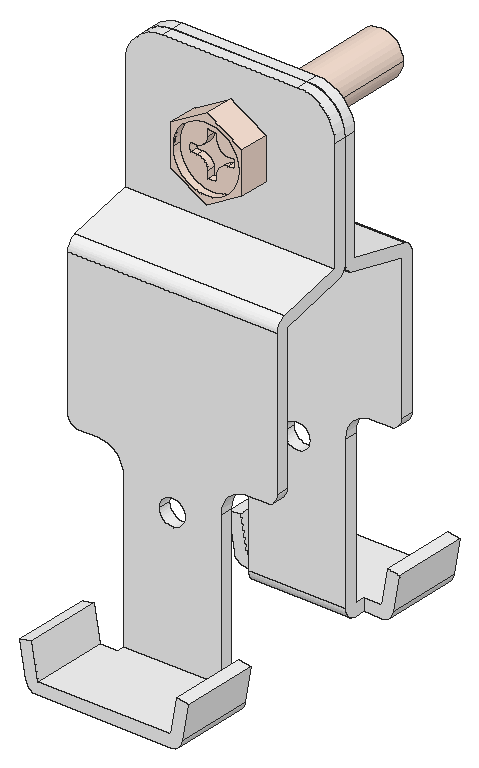
Revit family "耐風圧Sクリップ(C40用)", category 機械設備, Revit 2020
Family settings
  丸型コネクタ寸法 = 直径を使用
  種別 = なし
  パーツ タイプ = 標準
  作業面ベース = いいえ
  常に垂直 = はい
  ロード時にボイドで切り取り = いいえ
  共有 = いいえ
  部屋計算ポイント = いいえ
Parameters
  製造元 = "株式会社桐井製作所"
  既定の高さ = 0 mm
  URL = "https://www.kirii.co.jp/"
  K_品名 = "耐風圧Sクリップ(C40用)"
  K_名称 = "耐風圧クリップ"
  K_入数 = "100"
  K_バージョン情報 = "20210714"
Reference planes
  plane 1 "中心(正面/背面)": y = 0
  plane 2: z = 0
  plane 3 "中心(左/右)": x = 0
  plane 4: x = 14
  plane 5: x = -14
Forms (mm)
  Extrusion 1, solid
    sketch origin (-0.054, 0, 0) x (0, 1, 0) y (0, 0, 1)
      loop
        arc (-11.228, 0) -> (-10.079, 0.459) -> (-9.6, 1.6) r 1.6
        line (-9.6, 1.6) -> (-9.6, 46.272) -> (-1.238, 48.213)
        arc (-1.238, 48.213) -> (-0.347, 48.776) -> (0, 49.772) r 1.6
        line (0, 49.772) -> (0, 69.772) -> (-1.6, 69.772) -> (-1.6, 49.772) -> (-9.962, 47.83)
        arc (-9.962, 47.83) -> (-10.853, 47.267) -> (-11.2, 46.272) r 1.6
        line (-11.2, 46.272) -> (-11.2, 1.6) -> (-12.6, 1.6) -> (-12.6, 0) -> (-11.228, 0)
    from -13.946 to 14.054
  Extrusion 2, void
    sketch origin (0, 0, 0) x (1, 0, 0) y (0, 0, 1)
      loop
        line (-9, 69.772) -> (-14, 69.772) -> (-14, 64.772)
        arc (-14, 64.772) -> (-12.536, 68.307) -> (-9, 69.772) r 5
      loop
        line (14, 64.772) -> (14, 69.772) -> (9, 69.772)
        arc (9, 69.772) -> (12.536, 68.307) -> (14, 64.772) r 5
    from 0 to 1.6
  Extrusion 3, solid
    sketch origin (-25.005, 4.4, 6.591) x (1, 0, 0) y (0, 0, -1)
      loop
        circle (25.005, -53.148) r 4.7
      loop
        circle (25.005, -53.198) r 3.5
    from -2.8 to -1.6
  Extrusion 4, void
    sketch origin (-12.498, 0, 10.164) x (1, 0, 0) y (0, 0, 1)
      loop
        circle (12.498, 49.625) r 3.5
    from 0 to 1.6
  Extrusion 5, void
    sketch origin (-12.498, 0, 10.164) x (1, 0, 0) y (0, 0, -1)
      loop
        circle (12.498, -49.625) r 3.5
    from 0 to 1.6
  Extrusion 6, void
    sketch origin (0, 0, 0) x (1, 0, 0) y (0, 0, 1)
      loop
        arc (10, 25.5) -> (7.525, 24.475) -> (6.5, 22) r 3.5
        line (6.5, 22) -> (6.5, -0.84) -> (14, -0.84) -> (14, 27)
        arc (14, 27) -> (13.561, 25.939) -> (12.5, 25.5) r 1.5
        line (12.5, 25.5) -> (10, 25.5)
    from 9.6 to 12.6
  Extrusion 7, void
    sketch origin (0, 0, 0) x (-1, 0, 0) y (0, 0, -1)
      loop
        line (10, -25.5) -> (12.5, -25.5)
        arc (12.5, -25.5) -> (13.561, -25.939) -> (14, -27) r 1.5
        line (14, -27) -> (14, 0.84) -> (6.5, 0.84) -> (6.5, -22)
        arc (6.5, -22) -> (7.525, -24.475) -> (10, -25.5) r 3.5
    from 9.6 to 12.6
  Extrusion 8, solid
    sketch origin (0, 0, 0) x (1, 0, 0) y (0, 0, 1)
      loop
        line (8.9, 1.6) -> (-8.9, 1.6) -> (-9.67, 6.2) -> (-11.25, 5.949) -> (-10.478, 1.336)
        arc (-10.478, 1.336) -> (-9.934, 0.379) -> (-8.9, 0) r 1.6
        line (-8.9, 0) -> (8.9, 0)
        arc (8.9, 0) -> (9.934, 0.379) -> (10.478, 1.336) r 1.6
        line (10.478, 1.336) -> (11.25, 5.949) -> (9.67, 6.2) -> (8.9, 1.6)
    from 12.214 to 22.598
  Extrusion 9, solid
    sketch origin (-0.054, 0, 0) x (0, -1, 0) y (0, 0, -1)
      loop
        line (-11.228, 0) -> (-12.6, 0) -> (-12.6, -1.6) -> (-11.2, -1.6) -> (-11.2, -46.272)
        arc (-11.2, -46.272) -> (-10.853, -47.267) -> (-9.962, -47.83) r 1.6
        line (-9.962, -47.83) -> (-1.6, -49.772) -> (-1.6, -69.772) -> (0, -69.772) -> (0, -49.772)
        arc (0, -49.772) -> (-0.347, -48.776) -> (-1.238, -48.213) r 1.6
        line (-1.238, -48.213) -> (-9.6, -46.272) -> (-9.6, -1.6)
        arc (-9.6, -1.6) -> (-10.079, -0.459) -> (-11.228, 0) r 1.6
    from -13.946 to 14.054
  Extrusion 10, void
    sketch origin (0, 0, 0) x (1, 0, 0) y (0, 0, -1)
      loop
        arc (-9, -69.772) -> (-12.536, -68.307) -> (-14, -64.772) r 5
        line (-14, -64.772) -> (-14, -69.772) -> (-9, -69.772)
      loop
        arc (14, -64.772) -> (12.536, -68.307) -> (9, -69.772) r 5
        line (9, -69.772) -> (14, -69.772) -> (14, -64.772)
    from 0 to 1.6
  Extrusion 11, void
    sketch origin (-12.498, 0, 10.164) x (1, 0, 0) y (0, 0, -1)
      loop
        circle (12.498, -49.625) r 3.5
    from 0 to 1.6
  Extrusion 12, void
    sketch origin (0, 0, 0) x (1, 0, 0) y (0, 0, -1)
      loop
        line (10, -25.5) -> (12.5, -25.5)
        arc (12.5, -25.5) -> (13.561, -25.939) -> (14, -27) r 1.5
        line (14, -27) -> (14, 0.84) -> (6.5, 0.84) -> (6.5, -22)
        arc (6.5, -22) -> (7.525, -24.475) -> (10, -25.5) r 3.5
    from 9.6 to 12.6
  Extrusion 13, void
    sketch origin (0, 0, 0) x (-1, 0, 0) y (0, 0, 1)
      loop
        arc (10, 25.5) -> (7.525, 24.475) -> (6.5, 22) r 3.5
        line (6.5, 22) -> (6.5, -2.063) -> (14, -2.063) -> (14, 27)
        arc (14, 27) -> (13.561, 25.939) -> (12.5, 25.5) r 1.5
        line (12.5, 25.5) -> (10, 25.5)
    from 9.6 to 12.6
  Extrusion 14, solid
    sketch origin (0, 0, 0) x (1, 0, 0) y (0, 0, -1)
      loop
        line (8.9, -1.6) -> (9.67, -6.2) -> (11.25, -5.949) -> (10.478, -1.336)
        arc (10.478, -1.336) -> (9.934, -0.379) -> (8.9, 0) r 1.6
        line (8.9, 0) -> (-8.9, 0)
        arc (-8.9, 0) -> (-9.934, -0.379) -> (-10.478, -1.336) r 1.6
        line (-10.478, -1.336) -> (-11.25, -5.949) -> (-9.67, -6.2) -> (-8.9, -1.6) -> (8.9, -1.6)
    from 12.214 to 22.598
  Extrusion 15, void
    sketch origin (0, 0, 0) x (1, 0, 0) y (0, 0, -1)
      loop
        line (10, -25.5) -> (12.5, -25.5)
        arc (12.5, -25.5) -> (13.561, -25.939) -> (14, -27) r 1.5
        line (14, -27) -> (14, 2.063) -> (6.5, 2.063) -> (6.5, -22)
        arc (6.5, -22) -> (7.525, -24.475) -> (10, -25.5) r 3.5
    from 9.6 to 12.6
  Extrusion 16, void
    sketch origin (0, 0, 0) x (1, 0, 0) y (0, 0, 1)
      loop
        circle (0, 20) r 1.75
    from 9.6 to 11.2
  Extrusion 17, void
    sketch origin (0, 20.8, 0) x (1, 0, 0) y (0, 0, 1)
      loop
        circle (0, 20) r 1.75
    from 9.6 to 11.2
Cuts and joins
  Extrusion 2, Extrusion 4, Extrusion 5, Extrusion 6, Extrusion 7, Extrusion 10, Extrusion 11, Extrusion 12, Extrusion 13, Extrusion 16, Extrusion 17 cuts Extrusion 1
  Extrusion 10, Extrusion 11, Extrusion 12, Extrusion 13, Extrusion 16, Extrusion 17 cuts Extrusion 8
  joined: Extrusion 1, Extrusion 8
  Extrusion 5 cuts Extrusion 3
  Extrusion 10, Extrusion 11, Extrusion 13, Extrusion 15, Extrusion 17 cuts Extrusion 9
  Extrusion 12, Extrusion 15 cuts Extrusion 14
  joined: Extrusion 9, Extrusion 14
Dimensions and locks
  aligned and locked: level to plane 2
Nested families
  nested 1: "M6×25ボルト" at (0.045, -1.6, 59.989) x (-1, 0, 0) z (0, 0, 1), type "M6×25ボルト"
Definition of nested family "M6×25ボルト"
  Parameters (values of type "M6×25ボルト")
    Manufacturer = "株式会社桐井製作所"
    Default Elevation = 0 mm
    URL = "https://www.kirii.co.jp/"
    K_材料規格 = "M6×L25"
    K_品名 = "M6×25ボルト"
    K_名称 = "ボルト"
    K_備考 = "RPハンガー・RPフリーハンガー付属品"
  Reference planes
    plane 1 "中心(正面/背面)": y = 0
    plane 2: z = 0
    plane 3 "中心(左/右)": x = 0
    plane 4: x = 10
    plane 5: x = -10
    plane 6 "正面": y = -4
  Forms (mm)
    Extrusion 1, solid
      sketch origin (0, 0, 0) x (1, 0, 0) y (0, 0, 1)
        loop
          line (-4.763, -2.946) -> (0, -5.696) -> (4.763, -2.946) -> (4.763, 2.554) -> (0, 5.304) -> (-4.763, 2.554) -> (-4.763, -2.946)
      from 0 to 4
    Extrusion 2, void
      sketch origin (0, -4, 0) x (-1, 0, 0) y (0, 0, 1)
        loop
          circle (0, -0.156) r 4.396
      from 0 to 1
    Extrusion 3, void
      sketch origin (0, -4, 0) x (-1, 0, 0) y (0, 0, 1)
        loop
          arc (-0.6, 1.814) -> (-1.069, 0.856) -> (-2.036, 0.404) r 1.605
          line (-2.036, 0.404) -> (-2.939, 0.404)
          arc (-2.939, 0.404) -> (-3, -0.195) -> (-2.94, -0.795) r 3
          line (-2.94, -0.795) -> (-2.049, -0.795)
          arc (-2.049, -0.795) -> (-1.074, -1.243) -> (-0.6, -2.206) r 1.605
          line (-0.6, -2.206) -> (-0.6, -3.135)
          arc (-0.6, -3.135) -> (0, -3.196) -> (0.6, -3.135) r 3
          line (0.6, -3.135) -> (0.6, -2.206)
          arc (0.6, -2.206) -> (1.074, -1.243) -> (2.049, -0.795) r 1.605
          line (2.049, -0.795) -> (2.94, -0.795)
          arc (2.94, -0.795) -> (3, -0.198) -> (2.941, 0.398) r 3
          line (2.941, 0.398) -> (2.117, 0.398)
          arc (2.117, 0.398) -> (1.098, 0.828) -> (0.6, 1.814) r 1.605
          line (0.6, 1.814) -> (0.6, 2.743)
          arc (0.6, 2.743) -> (0, 2.804) -> (-0.6, 2.743) r 3
          line (-0.6, 2.743) -> (-0.6, 1.814)
      from 0 to 2
    Extrusion 4, solid
      sketch origin (0, 0, 0) x (1, 0, 0) y (0, 0, 1)
        loop
          circle (-0.011, -0.2) r 3
      from 0 to -25
  Cuts and joins
    Extrusion 2, Extrusion 3 cuts Extrusion 1
    joined: Extrusion 1, Extrusion 4
  Dimensions and locks
    aligned and locked: level to plane 2
